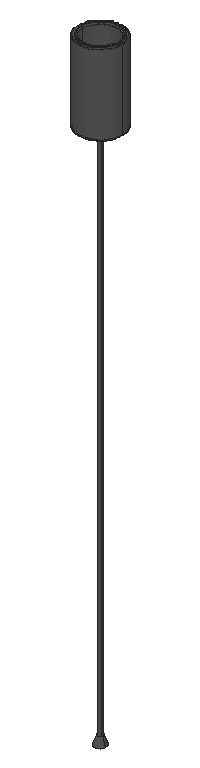
Revit family "CARLO CYLINDER LIGHT Pendant_ Surface", category Lighting Fixtures, host Face, Revit 2020 (continued)
Types (13): name | Wattage_Input | Wattage Comments | Wattage | built-in parameter 1150134 | Size 08 | Size 04 | Photometric Web File | built-in parameter 1150142 | Model | built-in parameter 1150105 | Lumens | built-in parameter 1150107 | built-in parameter 1150106 | Fixture Height | Fixture Diameter | BEAMING ANGLE | Apparent Load
    51 4.0419 4.3628 4.7076 5.0723 \r\n 5.4374 5.8424 6.2634 6.7029 7.1357 7.5725 8.0133 8.45 8.8786 9.291 \r\n 9.6756 10.052 10.42 10.753 11.068 11.369 11.637 11.905 12.146 12.374 \r\n 12.586 12.762 12.918 13.041 13.125 13.153 13.148 13.12 13.055 12.959 \r\n 12.838 12.69 12.538 12.382 12.25 12.13 12.083 12.091 12.14 12.216 \r\n 12.504 \r\n8108.6 7922.1 7710.7 7413.8 7062.1 6659.9 6196.7 5688.2 5144.9 4603.3 \r\n 4053.8 3527.9 3029.6 2574.2 2182.4 1861.2 1596.7 1385.6 1223.6 1119.2 \r\n 1015.3 946.18 894.57 856.86 828.62 806.98 790.28 778.24 768.28 760.58 \r\n 752.52 744.8 737.59 732.17 728.32 720.68 705.3 663.59 606.3 535.78 \r\n 456.84 376.57 291.05 217.51 151.67 106.31 61.124 52.101 43.858 35.87 \r\n 29.266 24.888 21.616 18.314 15.632 12.899 10.548 8.4183 6.5727 5.115 \r\n 4.0819 3.2572 2.6737 2.2435 1.9696 1.7328 1.5679 1.4314 1.3349 1.2427 \r\n 1.1545 1.0663 0.9903 0.91416 0.83406 0.76582 0.6977 0.62957 0.56542 0.50131 \r\n 0.43719 0.38898 0.35282 0.30495 0.28464 0.19317 0.13276 0.028979 0.00024483 0 \r\n 0 0 0 0 0 0 0 0 0 0 \r\n 0.015888 0.039863 0.067881 0.10786 0.14395 0.19195 0.228 0.28391 0.34398 0.40409 \r\n 0.46817 0.52831 0.60431 0.6725 0.74857 0.82869 0.91281 0.99276 1.0848 1.177 \r\n 1.2612 1.3612 1.4694 1.5736 1.6897 1.8139 1.9421 2.0822 2.2419 2.4062 \r\n 2.5863 2.7786 3.0067 3.2351 3.4953 3.7677 4.0759 4.4004 4.7528 5.1174 \r\n 5.4969 5.8934 6.318 6.7507 7.1834 7.6162 8.0609 8.4938 8.9186 9.3235 \r\n 9.6964 10.076 10.429 10.762 11.067 11.359 11.632 11.884 12.125 12.354 \r\n 12.55 12.723 12.859 12.979 13.076 13.124 13.132 13.133 13.053 12.945 \r\n 12.821 12.677 12.517 12.369 12.209 12.096 12.027 12.023 12.059 12.138 \r\n 12.504 \r\n8108.6 8045 7821.9 7502.2 7138.5 6700.6 6218.1 5667.4 5106.4 4542.9 \r\n 3990.7 3463.2 2953.3 2505.6 2129.1 1823.3 1570.2 1370.9 1215.6 1120.4 \r\n 1025.9 960.89 913.8 879.95 851.28 830.31 812.96 799.44 785.92 776.02 \r\n 767.89 761.71 755.35 749.33 743.22 731.29 712.23 676.77 616.23 543.72 \r\n 465.38 385.38 303.5 227.5 156.66 108.93 61.449 50.942 43.758 36.077 \r\n 30.011 25.345 21.892 18.631 15.73 13.118 10.561 8.4717 6.6258 5.2939 \r\n 4.2174 3.451 2.9033 2.4612 2.1391 1.8938 1.7167 1.5721 1.4516 1.3353 \r\n 1.2548 1.1628 1.0827 0.9986 0.92237 0.85019 0.77806 0.70593 0.64568 0.57765 \r\n 0.52538 0.46139 0.42107 0.36924 0.32506 0.23745 0.12554 0.021252 0.00022991 0 \r\n 0 0 0 0 0 0 0 0 0 0 \r\n 0.015844 0.047721 0.075816 0.11972 0.16777 0.21189 0.27167 0.33178 0.39585 0.45996 \r\n 0.52408 0.60008 0.68018 0.75636 0.83646 0.9166 1.0086 1.0966 1.1887 1.2769 \r\n 1.3849 1.4931 1.5973 1.7213 1.8495 1.9896 2.1378 2.298 2.4697 2.6618 \r\n 2.8739 3.1061 3.3583 3.6345 3.9427 4.275 4.6275 4.9999 5.3964 5.809 \r\n 6.2285 6.6809 7.1219 7.5824 8.0393 8.4882 8.9331 9.366 9.771 10.172 \r\n 10.537 10.893 11.214 11.514 11.779 12.02 12.264 12.461 12.654 12.838 \r\n 13.007 13.163 13.287 13.388 13.464 13.501 13.517 13.489 13.43 13.318 \r\n 13.21 13.07 12.922 12.782 12.653 12.553 12.508 12.519 12.579 12.663 \r\n 12.504 \r\n8108.6 8048.7 7849.2 7546.1 7205 6807.6 6311.5 5773.6 5208.8 4639 \r\n 4087.6 3562.2 3063 2631.7 2201.3 1876.2 1619.3 1408.1 1245.8 1123.9 \r\n 1033.3 968.59 921.75 885.08 855.16 834.46 815.22 800.55 788.56 776.16 \r\n 766.93 757.26 748.93 739.94 730.55 724.1 712.86 688.45 640.9 577.83 \r\n 505.26 427.27 348.06 267.84 187.71 118.93 71.139 53.249 46.094 38.678 \r\n 31.894 26.461 23.166 19.757 16.753 14.045 11.396 9.1935 7.1901 5.6782 \r\n 4.4753 3.6399 3.0203 2.5642 2.1814 1.9095 1.7135 1.5615 1.4492 1.3213 \r\n 1.2371 1.1371 1.0649 0.98065 0.88872 0.82073 0.74465 0.67662 0.62039 0.54846 \r\n 0.50037 0.45229 0.40413 0.34806 0.29578 0.22345 0.13125 0 0 0 \r\n 0 0 0 0 0 0 0.000078 0.0080921 0.016115 0.028198 \r\n 0.048298 0.076349 0.10447 0.1406 0.18468 0.22887 0.28497 0.34111 0.40126 0.46523 \r\n 0.53335 0.60157 0.68165 0.75385 0.83399 0.91421 1.0023 1.0866 1.1787 1.2709 \r\n 1.3669 1.4671 1.5793 1.6916 1.8119 1.9443 2.0886 2.241 2.4055 2.59 \r\n 2.7946 3.0192 3.2631 3.5237 3.8085 4.1332 4.4622 4.8389 5.2157 5.6126 \r\n 6.0255 6.4545 6.9113 7.3629 7.8158 8.2766 8.7372 9.1699 9.5905 9.995 \r\n 10.372 10.74 11.068 11.377 11.66 11.917 12.169 12.385 12.565 12.741 \r\n 12.906 13.066 13.194 13.302 13.373 13.417 13.429 13.409 13.36 13.296 \r\n 13.168 13.051 12.919 12.783 12.659 12.595 12.556 12.576 12.62 12.692 \r\n 12.504 \r\n8108.6 8049.3 7886.2 7639.4 7322.3 6919.4 6459.9 5944.5 5374.4 4797.4 \r\n 4234.1 3693 3178.3 2703.2 2291.8 1948.9 1672.9 1449.3 1274.5 1164.7 \r\n 1055.7 983.29 927.85 888.81 858.8 835.14 816.81 802.03 789.7 778.52 \r\n 768.61 758.23 748.97 740.85 731.31 723.71 714 697.8 651.58 597.64 \r\n 534.95 461.64 374.46 290.25 211.9 145.65 101.99 58.575 49.023 41.294 \r\n 33.628 27.834 24.458 21.029 17.888 14.964 12.32 9.8381 7.7937 6.0514 \r\n 4.7564 3.7742 3.0615 2.5699 2.1998 1.9222 1.721 1.58 1.4636 1.3592 \r\n 1.2828 1.1908 1.1147 1.0346 0.95447 0.8862 0.81411 0.74198 0.68174 0.62559 \r\n 0.58138 0.52541 0.48913 0.42943 0.37724 0.3014 0.21339 0.065838 0.0086563 0.000090 \r\n 0 0 0 0 0 0 0 0 0 0 \r\n 0.003961 0.027778 0.051822 0.079829 0.1277 0.16389 0.21964 0.27178 0.32784 0.3879 \r\n 0.45592 0.52009 0.59213 0.66822 0.75228 0.82851 0.91654 1.0005 1.0886 1.1807 \r\n 1.2729 1.369 1.4771 1.5972 1.7055 1.8375 1.9776 2.1179 2.2854 2.4577 \r\n 2.6538 2.858 3.098 3.3503 3.6345 3.9388 4.2553 4.6194 4.996 5.3766 \r\n 5.784 6.2085 6.6531 7.1177 7.5627 8.0115 8.4682 8.9171 9.3501 9.7432 \r\n 10.124 10.496 10.841 11.154 11.446 11.699 11.94 12.153 12.357 12.55 \r\n 12.714 12.859 12.987 13.095 13.176 13.236 13.26 13.269 13.249 13.185 \r\n 13.082 12.969 12.845 12.733 12.621 12.533 12.464 12.44 12.436 12.515 \r\n 12.504 \r\n8108.6 8096.7 8010.5 7829.8 7556.6 7242.3 6836.5 6367 5850.4 5290.4 \r\n 4724.2 4171.5 3630.6 3134.2 2689 2244.9 1910.5 1636.6 1423.6 1257.5 \r\n 1129.9 1038.6 969.55 918.76 880.2 851.44 829.24 812.42 796.56 781.94 \r\n 770.86 761.3 751.19 741.36 734.64 727.78 719.67 706.48 680.75 637 \r\n 573.94 502.05 424.03 345.13 265.54 186.06 121.17 76.297 55.962 47.769 \r\n 39.745 32.875 27.529 24.14 20.681 17.596 14.602 12.07 9.6289 7.5366 \r\n 5.8294 4.5505 3.6352 2.9638 2.477 2.0893 1.8333 1.6333 1.4813 1.3612 \r\n 1.2573 1.177 1.089 1.0168 0.9368 0.8688 0.79279 0.73261 0.66456 0.60455 \r\n 0.55649 0.51231 0.45624 0.40411 0.3479 0.27958 0.19186 0.13121 0 0 \r\n 0 0 0 0 0 0 0.000039 0.0040858 0.012078 0.020062 \r\n 0.024228 0.048272 0.072383 0.10444 0.13657 0.17668 0.2208 0.26896 0.32506 0.38107 \r\n 0.44522 0.51331 0.57749 0.64965 0.72582 0.80597 0.88619 0.97427 1.0546 1.1507 \r\n 1.2426 1.3308 1.4231 1.5353 1.6476 1.7678 1.8881 2.0205 2.1689 2.3333 \r\n 2.5018 2.6943 2.8983 3.1348 3.3835 3.6561 3.949 4.2817 4.6226 5.0034 \r\n 5.3881 5.7812 6.2101 6.6537 7.0985 7.5435 8.0042 8.449 8.8936 9.3181 \r\n 9.7147 10.095 10.468 10.808 11.128 11.424 11.672 11.928 12.137 12.349 \r\n 12.541 12.717 12.862 13.013 13.121 13.213 13.265 13.269 13.26 13.216 \r\n 13.148 13.071 12.951 12.819 12.703 12.619 12.543 12.528 12.532 12.58 \r\n 12.504 \r\n8108.6 8106.1 8054.1 7913.9 7696.5 7386 7020.9 6595.3 6091 5553.7 \r\n 4985.4 4423.3 3869.3 3345.3 2857.9 2412.8 2038.2 1740.1 1500.1 1316.4 \r\n 1168 1073.2 997.87 941.71 896.63 862.19 834.47 811.51 794.94 781.38 \r\n 771.48 760.46 748.14 738.64 728.57 721.13 716.35 711.25 699.79 668.64 \r\n 613.21 542.7 464.47 382.74 299.42 223.84 154.18 108.3 62.673 51.743 \r\n 43.55 35.49 29.783 25.613 22.554 19.137 16.142 13.438 10.765 8.6235 \r\n 6.5471 5.0348 3.9752 3.1825 2.6464 2.2283 1.9462 1.7331 1.5762 1.4397 \r\n 1.3352 1.2468 1.1589 1.0747 0.99849 0.92235 0.85017 0.782 0.71388 0.65368 \r\n 0.59357 0.53743 0.48132 0.42933 0.38911 0.33321 0.28898 0.17363 0.1089 0.01706 \r\n 0.0001761 0 0 0 0 0 0 0 0 0 \r\n 0 0 0.015852 0.043773 0.075788 0.11578 0.15179 0.19972 0.25572 0.30787 \r\n 0.3758 0.43996 0.50408 0.57216 0.64424 0.7243 0.80048 0.88828 0.97248 1.0566 \r\n 1.1447 1.2408 1.333 1.4331 1.5452 1.6614 1.7776 1.9017 2.0493 2.1976 \r\n 2.3617 2.5458 2.746 2.9701 3.2143 3.4706 3.7548 4.075 4.4154 4.7759 \r\n 5.1514 5.5478 5.9564 6.4008 6.8416 7.2864 7.7391 8.184 8.6288 9.0578 \r\n 9.4588 9.8545 10.227 10.584 10.905 11.206 11.483 11.736 11.968 12.189 \r\n 12.385 12.57 12.758 12.891 13.023 13.127 13.2 13.252 13.277 13.277 \r\n 13.237 13.157 13.046 12.93 12.806 12.677 12.565 12.512 12.484 12.491 \r\n 12.504 \r\n" | "CCL6-08-30SPSW8-25-PSM-BK" | 2572.5 (stored number, unit not read) | 2250 lm | 2700 (stored number, unit not read) | 25.725 (stored number, unit not read) | 0' - 8 171/256" | 0' - 6" | 25.00° | 30 VA
